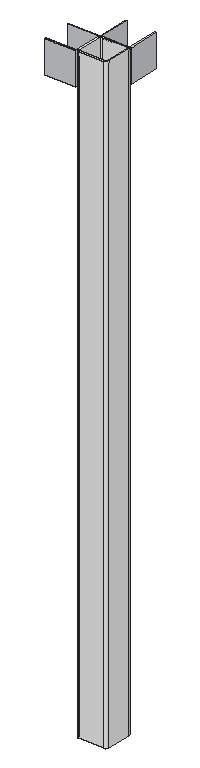
Revit family "supporter_column_2", category Structural Columns, Revit 2022
Family settings
  Section Shape = Rectangular HSS
  Material for Model Behavior = Steel
  Always export as geometry = No
  Beam cutback in plan = From bounding box
  Code Name = GB/T 6728-2002
  Cut with Voids When Loaded = No
  Symbolic Representation = From Project Settings
  Shared = No
  Show family pre-cut in plan views = Yes
Parameters (values of type "B50x50x1.75")
  Width = 100.00 mm
  Wall Nominal Thickness = 5.00 mm
  Wall Design Thickness = 5.0 mm
  Torsional Moment of Inertia = 438.99 cm⁴
  Torsional Modulus = 81.72 cm³
  Structural Material [instance] = 金属 - 钢 Q345 16
  Section Name Key = ""
  Section Area = 18.36 cm²
  Plastic Modulus weak axis = 0.0 cm³
  Plastic Modulus strong axis = 0.0 cm³
  Outer Fillet = 10.00 mm
  Nominal Weight = 14.4099 kgf/m
  Moment of Inertia weak axis = 271.07 cm⁴
  Moment of Inertia strong axis = 271.07 cm⁴
  Inner Fillet = 5.00 mm
  Height = 100.00 mm
  Elastic Modulus weak axis = 54.21 cm³
  Elastic Modulus strong axis = 54.21 cm³
  Centroid Vertical = Height / 2  # 50.0 mm
  Centroid Horizontal = Width / 2  # 50.0 mm
  Assembly Code = ""
Reference planes
  plane 1 "中心(前/后)": y = 0
  plane 2: z = 0
  plane 3 "中心(左/右)": x = 0
  plane 4: x = -50
  plane 5: x = 50
  plane 6: y = 50
  plane 7: y = -50
  plane 8: y = 45
  plane 9: y = -45
  plane 10: x = -45
  plane 11: x = 45
  plane 12: y = -50
  plane 13: y = 50
  plane 14: z = 1900
  plane 15: z = 2000
  plane 16: y = -50
  plane 17: y = -45
  plane 18: y = -45
  plane 19: x = 150
  plane 20: z = 1895
  plane 21: y = 0
Forms (mm)
  Extrusion 1, solid, material "金属 - 钢 Q345 16" <- "Structural Material", detail levels fine
    sketch origin (0, 0, 176.145) x (1, 0, 0) y (0, 1, 0)
      loop
        arc (-40, 50) -> (-47.071, 47.071) -> (-50, 40) r 10
        line (-50, 40) -> (-50, -40)
        arc (-50, -40) -> (-47.071, -47.071) -> (-40, -50) r 10
        line (-40, -50) -> (40, -50)
        arc (40, -50) -> (47.071, -47.071) -> (50, -40) r 10
        line (50, -40) -> (50, 40)
        arc (50, 40) -> (47.071, 47.071) -> (40, 50) r 10
        line (40, 50) -> (-40, 50)
      loop
        arc (-40, 45) -> (-43.536, 43.536) -> (-45, 40) r 5
        line (-45, 40) -> (-45, -40)
        arc (-45, -40) -> (-43.536, -43.536) -> (-40, -45) r 5
        line (-40, -45) -> (40, -45)
        arc (40, -45) -> (43.536, -43.536) -> (45, -40) r 5
        line (45, -40) -> (45, 40)
        arc (45, 40) -> (43.536, 43.536) -> (40, 45) r 5
        line (40, 45) -> (-40, 45)
    from -176.145 to 1823.855
  Extrusion 2, solid, material "金属 - 钢 Q345 16" <- "Structural Material", detail levels medium
    sketch origin (0, 0, 172.054) x (1, 0, 0) y (0, 1, 0)
      loop
        line (-50, 50) -> (-50, -50) -> (50, -50) -> (50, 50) -> (-50, 50)
      loop
        line (-45, 45) -> (-45, -45) -> (45, -45) -> (45, 45) -> (-45, 45)
    from -172.054 to 1827.946
  Sweep 3, solid
    path origin (-0.033, 1.682, 0) x (0, 1, 0) y (-1, 0, 0)
      loop
        line (50, 0) -> (150, 0)
    profile origin (-0.033, 101.682, 0) x (-1, 0, 0) y (0, 0, 1)
      loop
        line (-50, 2000.121) -> (-50, 1895.121) -> (50, 1895.121) -> (50, 2000.121) -> (45, 2000.121) -> (45, 1900.121) -> (-45, 1900.121) -> (-45, 2000.121) -> (-50, 2000.121)
  Sweep 4, solid
    path origin (-201.209, 0, 0.151) x (1, 0, 0) y (0, 1, 0)
      loop
        line (50, 0) -> (150, 0)
    profile origin (-101.209, 0, 0.151) x (0, 1, 0) y (0, 0, 1)
      loop
        line (-50, 2000) -> (-50, 1895) -> (50, 1895) -> (50, 2000) -> (45, 2000) -> (45, 1900) -> (-45, 1900) -> (-45, 2000) -> (-50, 2000)
Lines and regions (mm)
  symbolic lines, style "StructuralColumnStickSymbols", detail levels coarse
    curve 1: line (-50, 50, 0) -> (50, 50, 0)
    curve 2: line (-50, -50, 0) -> (50, -50, 0)
    curve 5: line (-50, 50, 0) -> (-50, -50, 0)
    curve 6: line (50, 50, 0) -> (50, -50, 0)
  symbolic lines, style "隐藏面", detail levels medium+fine
    curve 3: line (-45, 0, 0) -> (-45, 0, 1820)
    curve 4: line (45, 0, 1820) -> (45, 0, 0)
    curve 7: line (0, 45, 0) -> (0, 45, 1820)
    curve 8: line (0, -45, 0) -> (0, -45, 1820)
Dimensions and locks
  equal spacing: plane 4, plane 3 "中心(左/右)", plane 5
  equal spacing: plane 7, plane 1 "中心(前/后)", plane 6
  "Height": plane 7 to plane 6
  "Width": plane 4 to plane 5
  "Wall Nominal Thickness": plane 6 to plane 8
  "Wall Nominal Thickness": plane 4 to plane 10
  "Wall Nominal Thickness": plane 11 to plane 5
  "Wall Nominal Thickness": plane 9 to plane 7
  "Outer Fillet": radius of Extrusion 1 sketch curve  (x4)
  "Inner Fillet": radius of Extrusion 1 sketch curve  (x4)
  aligned and locked: level to plane 2
  aligned and locked: plane 10 to Extrusion 1 sketch curve
  aligned and locked: Extrusion 1 sketch curve to plane 4
  aligned and locked: Extrusion 1 sketch curve to plane 8
  aligned and locked: Extrusion 1 sketch curve to plane 11
  aligned and locked: plane 9 to Extrusion 1 sketch curve
  aligned and locked: Extrusion 1 sketch curve to plane 7
  aligned and locked: plane 5 to curve 6
  aligned and locked: plane 7 to curve 2
  aligned and locked: plane 4 to curve 5
  aligned and locked: plane 6 to curve 1
  aligned and locked: plane 6 to Extrusion 1 sketch curve
  aligned and locked: Extrusion 2 sketch curve to plane 4
  aligned and locked: plane 6 to Extrusion 2 sketch curve
  aligned and locked: plane 5 to Extrusion 2 sketch curve
  aligned and locked: Extrusion 2 sketch curve to plane 7
  aligned and locked: Extrusion 2 sketch curve to plane 8
  aligned and locked: plane 10 to Extrusion 2 sketch curve
  aligned and locked: plane 9 to Extrusion 2 sketch curve
  aligned and locked: Extrusion 2 sketch curve to plane 11
  aligned and locked: Extrusion 2 to level
Automatic sketch dimensions
  curve 3 to level = 0.00 mm  (x2)
  curve 4 to level = 0.00 mm  (x2)
  curve 8 to level = 0.00 mm  (x2)
  curve 7 to level = 0.00 mm  (x2)
  Extrusion 1 sketch curve to Extrusion 1 sketch curve = 0.00 mm
  curve 3 to plane 10 = 0.00 mm
  curve 4 to plane 11 = 0.00 mm
  curve 7 to plane 8 = 0.00 mm
  curve 8 to plane 9 = 0.00 mm
  plane 1 "中心(前/后)" to Sweep 4 sketch curve = 0.00 mm
  plane 4 to Sweep 4 sketch curve = 101.209 mm
  plane 4 to Sweep 4 sketch curve = 1.209 mm
  profile plane to Sweep 4 sketch curve = 50.00 mm
  Sweep 4 sketch curve to Sweep 4 sketch curve = 5.00 mm  (x3)
  Sweep 4 sketch curve to profile plane = 45.00 mm
  profile plane to Sweep 4 sketch curve = 1895.00 mm
  Sweep 4 sketch curve to Sweep 4 sketch curve = 100.00 mm
  Sweep 4 sketch curve to Sweep 4 sketch curve = 0.00 mm
  Sweep 3 sketch curve to plane 7 = 101.682 mm
  Sweep 3 sketch curve to plane 6 = 101.682 mm
  plane 5 to Sweep 3 sketch curve = 50.033 mm
  profile plane to Sweep 3 sketch curve = 50.00 mm
  Sweep 3 sketch curve to Sweep 3 sketch curve = 5.00 mm  (x3)
  Sweep 3 sketch curve to profile plane = 45.00 mm
  level to Sweep 3 sketch curve = 1895.121 mm
  Sweep 3 sketch curve to Sweep 3 sketch curve = 100.00 mm
  Sweep 3 sketch curve to Sweep 3 sketch curve = 0.00 mm
